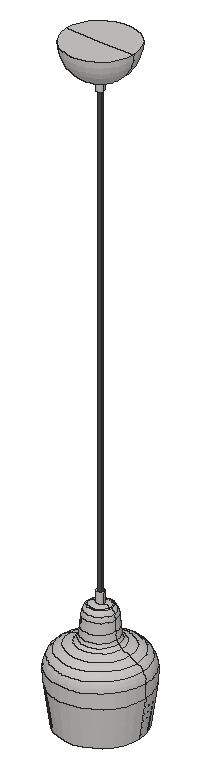
Revit family "Artek_Lighting_Pendant Light A330S “Golden Bell“_A330S “Golden Bell“_quick_ship", category Lighting Fixtures, Revit 2018
Family settings
  Round Connector Dimension = Use Diameter
  Part Type = Normal
  OmniClass Number = 23.80.70.00
  OmniClass Title = Lighting
  Work Plane-Based = No
  Always vertical = Yes
  Cut with Voids When Loaded = No
  Light Source = Yes
  Shared = No
  Room Calculation Point = No
Parameters (values of type "A330S "Golden Bell", 29100303")
  Wattage = 9.2903 W
  WarrantyStartDate [instance] = "n/a"
  WarrantyGuarantorParts = "n/a"
  WarrantyGuarantorLabor = "n/a"
  WarrantyDurationUnit = "Years"
  WarrantyDurationParts = "n/a"
  WarrantyDurationLabor = "n/a"
  WarrantyDescription = "n/a"
  built-in parameter 1150110 = 1 (stored number, unit not read)
  VersionDate = "11/3/2020"  # constant formula
  Version = "1"  # constant formula
  UsageCurrent = 0 A
  Uniclass2015Reference = "Pr_70_70_48_62"
  Uniclass2015Description = "Pendant  luminaires"
  Uniclass2 = "Pr_70_70_49_86"
  URL = "https://www.artek.fi/en/products/pendant-light-a330s-golden-bell"
  TotalWattage = 12 W
  built-in parameter 1114217 = 1 (stored number, unit not read)
  built-in parameter 1150109 = 1 (stored number, unit not read)
  built-in parameter 1150134 = (empty or 0)
  TagNumber [instance] = "n/a"
  SustainabilityPerformance = "n/a"
  built-in parameter 1150113 = 1 (stored number, unit not read)
  Socket = "E27"
  Size = "170x200x170 mm"
  Shape = "Sculptured"
  SerialNumber [instance] = "n/a"
  Revision = "n/a"
  ReplacementCost = "n/a"
  ProductInformation = "Nicknamed “Golden Bell,” Pendant Light A330S has a sculptural quality that can be appreciated whether the light is switched on or off."
  Product data url = ""
  PhaseReference = "n/a"
  PhaseAngle = 0.00°
  NumberOfSources = 0
  NumberOfPoles = 1
  NominalWidth = 164 mm
  NominalVoltageCalc = 0 V
  NominalVoltage = 240 V
  NominalRadius = NominalDiameter / 2  # 82 mm
  NominalLength = 164 mm
  NominalHeight [instance] = CableLengthControl + 213 mm + 77.2 mm  # 1090.2 mm
  NominalFrequencyRange = 60 Hz
  NominalDiameter = NominalLength  # 164 mm
  NominalCurrent = 0 A
  Name = "A330S \"Golden Bell\""
  NBSReference = "90-60-50/405"
  NBSDescription = "General purpose luminaires"
  ModelReference = "n/a"
  ModelNumber = "29100303"
  Model = "A330S \"Golden Bell\", 29100303"
  Material = "Steel, powder coated"
  ManufacturersSpecificInformation = "This luminaire is compatible with bulbs of the energy classes: A to G"
  ManufacturerURL = "https://www.artek.fi/"
  ManufacturerName = "Artek"
  Manufacturer = "Artek"
  MaintenanceFactor = 0
  Lumens = 1380 lm
  built-in parameter 1150115 = 1 (stored number, unit not read)
  built-in parameter 1150105 = 109.82 (stored number, unit not read)
  LightFixtureTertiaryMaterial = White Steel
  LightFixtureSecondaryMaterial = Black plastic
  LightFixturePlacingType = "Ceiling"
  LightFixtureMountingType = "Suspended"
  LightFixtureMainMaterial = Black laquered
  Light Source Symbol Size = 609.6 mm
  built-in parameter 1150137 = (empty or 0)
  built-in parameter 1150139 = (empty or 0)
  built-in parameter 1150112 = 1 (stored number, unit not read)
  built-in parameter 1150114 = 1 (stored number, unit not read)
  InsulationStandardClass = "Class II"
  InstallationDate [instance] = "n/a"
  built-in parameter 1150132 = 2
  built-in parameter 1150102 = (empty or 0)
  built-in parameter 1150138 = (empty or 0)
  built-in parameter 1150107 = 3000 (stored number, unit not read)
  built-in parameter 1150106 = 1.0982 (stored number, unit not read)
  IfcExportType = "NOTDEFINED"  # constant formula
  IfcExportAs = "IfcLightFixtureType"  # constant formula
  IP_Code = "IP20"
  HasProtectiveEarth = no
  Grade = "n/a"
  Finish = "n/a"
  Features = "n/a"
  ExpectedLife = "n/a"
  ElectricalDeviceNominalPower = 0
  built-in parameter 1150104 = 13.8 (stored number, unit not read)
  DurationUnit = "Years"
  Dimming Lamp Color Temperature Shift = <None>
  Designer = "Alvar Aalto"
  Description = "Nicknamed “Golden Bell,” Pendant Light A330S has a sculptural quality that can be appreciated whether the light is switched on or off."
  DefaultElevation = 0 mm
  ConvergoRefNr = "0190-2009-0054-FI"  # constant formula
  Constituents = "n/a"
  Color Filter = 16777215
  Color = "Black"
  Collection = "Pendant Lights"
  CodePerformance = "n/a"
  Category = "Lighting"
  CableLengthControl [instance] = if(CableLength < 250 mm, 250 mm, if(CableLength > 1500 mm, 1500 mm, CableLength))  # 800 mm
  CableLength [instance] = 800 mm
  Brand = "Artek"
  Barcode [instance] = "n/a"
  built-in parameter 1114218 = 1 (stored number, unit not read)
  BIMObjectName = "Artek_Lighting_Pendant Light A330S “Golden Bell“_A330S “Golden Bell“_quick_ship"  # constant formula
  Author = "Convergo AB"  # constant formula
  built-in parameter 1150133 = 10 (stored number, unit not read)
  AssetType = "Fixed"
  AssetIdentifier [instance] = "n/a"
  ArticleNumber = "29100303"
  AccessibilityPerformance = "n/a"
Types (6, lengths in mm): name | ModelNumber | Model | Material | LightFixtureTertiaryMaterial | LightFixtureSecondaryMaterial | LightFixtureMainMaterial | Color | ArticleNumber
  (no name) | "29100303" | "A330S \"Golden Bell\", 29100303" | "Steel, powder coated" | White Steel | Black plastic | Black laquered | "Black" | "29100303"
  A330S "Golden Bell", 29100380 | "29100380" | "A330S \"Golden Bell\", 29100380" | "Brass" | Brass | Black plastic | Brass | "Brass" | "29100380"
  A330S "Golden Bell", 29100301 | "29100301" | "A330S \"Golden Bell\", 29100301" | "Brass" | White Steel | White plastic | Brass | "Brass" | "29100301"
  A330S "Golden Bell", 29100302 | "29100302" | "A330S \"Golden Bell\", 29100302" | "Steel, powder coated" | White Steel | White plastic | Chrome | "Chrome" | "29100302"
  A330S "Golden Bell", 29100303 | "29100303" | "A330S \"Golden Bell\", 29100303" | "Steel, powder coated" | White Steel | Black plastic | Black laquered | "Black" | "29100303"
  A330S "Golden Bell", 29100304 | "29100304" | "A330S \"Golden Bell\", 29100304" | "Steel, powder coated" | White Steel | White plastic | White Steel | "White" | "29100304"
Reference planes
  plane 1 "Light Source Axis (F/B)": y = 0
  plane 2: z = 0
  plane 3 "Light Source Axis (L/R)": x = 0
  plane 4 "Light Source Elevation": z = 70
  plane 5: x = -82
  plane 6: x = 82
  plane 7: y = 82
  plane 8: y = -82
  plane 9: z = 1090.2
Dimensions and locks
  equal spacing: plane 5, plane 3 "Light Source Axis (L/R)", plane 6
  "NominalLength": plane 5 to plane 6
  equal spacing: plane 7, plane 1 "Light Source Axis (F/B)", plane 8
  "NominalWidth": plane 7 to plane 8
  "NominalHeight": plane 9 to plane 2
  locked: plane 4 "Light Source Elevation" to plane 2 at 70
  aligned and locked: plane 3 "Light Source Axis (L/R)" to imposter light
  aligned and locked: plane 1 "Light Source Axis (F/B)" to imposter light
  aligned and locked: plane 4 "Light Source Elevation" to imposter light
  aligned and locked: level to plane 2
  aligned and locked: nested 1 to plane 2
Nested families
  nested 1: "A330s" at (0, 0, 0), Body <- "LightFixtureMainMaterial", Cable <- "LightFixtureSecondaryMaterial", Inside <- "LightFixtureTertiaryMaterial", CableLength <- "CableLengthControl", type "A330s"
    with Inside White Steel, CableLength 800 mm, Cable Black plastic, Body Black laquered
Connectors
  electrical at (0, 0, 1090.2)
    settings: on nested 1, index 1, voltage 240 V, apparent load 0 VA, apparent load phase1 0 VA, apparent load phase2 0 VA, apparent load phase3 0 VA, power factor 1, load classification "Other", number of poles 1, system type 31, power factor state 1, is connector primary yes, connector utility no, sub classification motor no, connector description ""
Definition of nested family "A330s"
  Parameters (values of type "A330s")
    Inside [instance] = none
    CableLength [instance] = 500 mm
    Cable [instance] = none
    Body [instance] = none
  Reference planes
    plane 1 "Center (Front/Back)": y = 0
    plane 2: z = 0
    plane 3 "Center (Left/Right)": x = 0
    plane 4: z = 213
    plane 5: z = 713
    plane 6: z = 213
  Forms (mm)
    Revolve 1, solid, material <- "Body", detail levels medium+fine
      sketch origin (0, 0, 0) x (1, 0, 0) y (0, 0, 1)
        loop
          line (0, 790.2) -> (-60, 790.2)
          arc (-60, 790.2) -> (-44.472, 750.136) -> (-6, 731) r 59.45
          line (-6, 731) -> (-6, 713) -> (0, 713) -> (0, 731) -> (0, 790.2)
        loop
          arc (-81.1, 92.8) -> (-81.289, 80.331) -> (-80.3, 67.9) r 131.96
          arc (-80.3, 67.9) -> (-75.53, 33.884) -> (-69.9, 0) r 1356.007
          line (-69.9, 0) -> (-68.884, 0)
          arc (-68.884, 0) -> (-74.528, 33.947) -> (-79.308, 68.026) r 1355.007
          arc (-79.308, 68.026) -> (-80.289, 80.363) -> (-80.102, 92.738) r 130.96
          arc (-80.102, 92.738) -> (-78.629, 101.044) -> (-75.33, 108.808) r 37.364
          arc (-75.33, 108.808) -> (-71.247, 114.461) -> (-66.024, 119.083) r 31.62
          arc (-66.024, 119.083) -> (-59.699, 122.979) -> (-52.941, 126.067) r 60.188
          arc (-52.941, 126.067) -> (-45.438, 129.044) -> (-38.001, 132.183) r 371.227
          arc (-38.001, 132.183) -> (-34.32, 134.525) -> (-31.538, 137.886) r 14.011
          arc (-31.538, 137.886) -> (-29.964, 141.193) -> (-29.015, 144.729) r 20.164
          arc (-29.015, 144.729) -> (-28.066, 151.217) -> (-27.458, 157.746) r 125.184
          arc (-27.458, 157.746) -> (-26.796, 166.48) -> (-25.975, 175.2) r 481.776
          arc (-25.975, 175.2) -> (-25.276, 179.387) -> (-24.061, 183.455) r 34.044
          arc (-24.061, 183.455) -> (-22.065, 187.137) -> (-19.102, 190.098) r 14.559
          arc (-19.102, 190.098) -> (-18.23, 190.647) -> (-17.281, 191.052) r 6.519
          arc (-17.281, 191.052) -> (-11.671, 192.566) -> (-5.919, 193.388) r 47.891
          arc (-5.919, 193.388) -> (-2.956, 193.66) -> (0, 193.992) r 146.476
          line (0, 193.992) -> (0, 213) -> (-6, 213) -> (-6, 194.385)
          arc (-6, 194.385) -> (-11.872, 193.545) -> (-17.6, 192) r 48.891
          arc (-17.6, 192) -> (-18.694, 191.533) -> (-19.7, 190.9) r 7.519
          arc (-19.7, 190.9) -> (-22.866, 187.735) -> (-25, 183.8) r 15.559
          arc (-25, 183.8) -> (-26.25, 179.613) -> (-26.969, 175.303) r 35.044
          arc (-26.969, 175.303) -> (-27.792, 166.565) -> (-28.456, 157.813) r 482.776
          arc (-28.456, 157.813) -> (-29.059, 151.336) -> (-30, 144.9) r 124.184
          arc (-30, 144.9) -> (-30.903, 141.539) -> (-32.398, 138.396) r 19.164
          arc (-32.398, 138.396) -> (-34.982, 135.275) -> (-38.4, 133.1) r 13.011
          arc (-38.4, 133.1) -> (-45.817, 129.969) -> (-53.3, 127) r 370.227
          arc (-53.3, 127) -> (-60.17, 123.861) -> (-66.6, 119.9) r 61.188
          arc (-66.6, 119.9) -> (-71.988, 115.133) -> (-76.2, 109.3) r 32.62
          arc (-76.2, 109.3) -> (-79.587, 101.328) -> (-81.1, 92.8) r 38.364
        axis (0, 790.2) -> (0, 0)
      angle from 0 to 360
    Extrusion 2, solid, material <- "Cable", detail levels medium+fine
      sketch origin (0, 0, 0) x (1, 0, 0) y (0, 1, 0)
        loop
          circle (0, 0) r 3
      from 213 to 713
    Extrusion 3, solid, material <- "Body", detail levels coarse
      sketch origin (0, 0, 0) x (1, 0, 0) y (0, 1, 0)
        loop
          line (-82, 0) -> (-82, -82) -> (0, -82) -> (82, -82) -> (82, 0) -> (82, 82) -> (0, 82) -> (-82, 82) -> (-82, 0)
      from 0 to 790.2
    Revolve 4, solid, material <- "Inside", detail levels medium+fine
      sketch origin (0, 0, 0) x (1, 0, 0) y (0, 0, 1)
        loop
          line (0, 192.985) -> (0, 193.992)
          arc (0, 193.992) -> (-2.956, 193.66) -> (-5.919, 193.388) r 146.476
          arc (-5.919, 193.388) -> (-11.671, 192.566) -> (-17.281, 191.052) r 47.891
          arc (-17.281, 191.052) -> (-18.23, 190.647) -> (-19.102, 190.098) r 6.519
          arc (-19.102, 190.098) -> (-22.065, 187.137) -> (-24.061, 183.455) r 14.559
          arc (-24.061, 183.455) -> (-25.276, 179.387) -> (-25.975, 175.2) r 34.044
          arc (-25.975, 175.2) -> (-26.796, 166.48) -> (-27.458, 157.746) r 481.776
          arc (-27.458, 157.746) -> (-28.066, 151.217) -> (-29.015, 144.729) r 125.184
          arc (-29.015, 144.729) -> (-29.964, 141.193) -> (-31.538, 137.886) r 20.164
          arc (-31.538, 137.886) -> (-34.32, 134.525) -> (-38.001, 132.183) r 14.011
          arc (-38.001, 132.183) -> (-45.438, 129.044) -> (-52.941, 126.067) r 371.227
          arc (-52.941, 126.067) -> (-59.699, 122.979) -> (-66.024, 119.083) r 60.188
          arc (-66.024, 119.083) -> (-71.247, 114.461) -> (-75.33, 108.808) r 31.62
          arc (-75.33, 108.808) -> (-78.629, 101.044) -> (-80.102, 92.738) r 37.364
          arc (-80.102, 92.738) -> (-80.289, 80.363) -> (-79.308, 68.026) r 130.96
          arc (-79.308, 68.026) -> (-74.528, 33.947) -> (-68.884, 0) r 1355.007
          line (-68.884, 0) -> (-67.868, 0)
          arc (-67.868, 0) -> (-73.526, 34.01) -> (-78.316, 68.153) r 1354.007
          arc (-78.316, 68.153) -> (-79.29, 80.395) -> (-79.104, 92.675) r 129.96
          arc (-79.104, 92.675) -> (-77.67, 100.759) -> (-74.459, 108.315) r 36.364
          arc (-74.459, 108.315) -> (-70.506, 113.79) -> (-65.448, 118.265) r 30.62
          arc (-65.448, 118.265) -> (-59.228, 122.097) -> (-52.583, 125.133) r 59.188
          arc (-52.583, 125.133) -> (-45.059, 128.118) -> (-37.602, 131.266) r 372.227
          arc (-37.602, 131.266) -> (-33.658, 133.775) -> (-30.678, 137.376) r 15.011
          arc (-30.678, 137.376) -> (-29.026, 140.847) -> (-28.029, 144.559) r 21.164
          arc (-28.029, 144.559) -> (-27.073, 151.099) -> (-26.461, 157.68) r 126.184
          arc (-26.461, 157.68) -> (-25.799, 166.395) -> (-24.98, 175.098) r 480.776
          arc (-24.98, 175.098) -> (-24.302, 179.162) -> (-23.123, 183.109) r 33.044
          arc (-23.123, 183.109) -> (-21.263, 186.539) -> (-18.504, 189.297) r 13.559
          arc (-18.504, 189.297) -> (-17.766, 189.762) -> (-16.963, 190.104) r 5.519
          arc (-16.963, 190.104) -> (-11.47, 191.586) -> (-5.837, 192.392) r 46.891
          arc (-5.837, 192.392) -> (-2.916, 192.659) -> (0, 192.985) r 147.476
        axis (0, 193.992) -> (0, 0)
      angle from 0 to 360
  Lines and regions (mm)
    symbolic lines, detail levels medium+fine
      curve 1: line (0, 0, 790.2) -> (-60, 0, 790.2)
      curve 2: arc (-6, 0, 731) -> (-44.472, 0, 750.136) -> (-60, 0, 790.2) r 59.45
      curve 3: line (-6, 0, 731) -> (-6, 0, 713)
      curve 4: line (-6, 0, 713) -> (-3, 0, 713)
      curve 5: line (-3, 0, 713) -> (-3, 0, 213)
      curve 6: line (-3, 0, 213) -> (-6, 0, 213)
      curve 7: line (-6, 0, 213) -> (-6, 0, 194.385)
      curve 8: arc (-18.531, 0, 191.707) -> (-12.407, 0, 193.708) -> (-6, 0, 194.385) r 30.657
      curve 9: arc (-22.296, 0, 188.787) -> (-20.589, 0, 190.473) -> (-18.531, 0, 191.707) r 10.082
      curve 10: arc (-26.51, 0, 179.067) -> (-25.047, 0, 184.206) -> (-22.296, 0, 188.787) r 20.33
      curve 11: arc (-28.069, 0, 164.511) -> (-27.43, 0, 171.804) -> (-26.51, 0, 179.067) r 188.86
      curve 12: arc (-30.014, 0, 146.467) -> (-28.863, 0, 155.47) -> (-28.069, 0, 164.511) r 229.737
      curve 13: arc (-33.694, 0, 136.92) -> (-31.324, 0, 141.489) -> (-30.014, 0, 146.467) r 23.349
      curve 14: arc (-37.715, 0, 133.443) -> (-35.469, 0, 134.909) -> (-33.694, 0, 136.92) r 9.995
      curve 15: arc (-56.872, 0, 125.412) -> (-47.2, 0, 129.203) -> (-37.715, 0, 133.443) r 222.128
      curve 16: arc (-81.245, 0, 88.189) -> (-75.235, 0, 110.845) -> (-56.872, 0, 125.412) r 37.207
      curve 17: arc (-76.582, 0, 40.744) -> (-79.351, 0, 64.424) -> (-81.245, 0, 88.189) r 647.164
      curve 18: arc (-69.9, 0, 0) -> (-73.523, 0, 20.326) -> (-76.582, 0, 40.744) r 744.578
      curve 19: line (-69.9, 0, 0) -> (0, 0, 0)
      curve 22: line (0, 0, 790.2) -> (60, 0, 790.2)
      curve 23: arc (6, 0, 731) -> (44.472, 0, 750.136) -> (60, 0, 790.2) r 59.45
      curve 24: line (6, 0, 731) -> (6, 0, 713)
      curve 25: line (6, 0, 713) -> (3, 0, 713)
      curve 26: line (3, 0, 713) -> (3, 0, 213)
      curve 27: line (3, 0, 213) -> (6, 0, 213)
      curve 28: line (6, 0, 213) -> (6, 0, 194.385)
      curve 29: arc (18.531, 0, 191.707) -> (12.407, 0, 193.708) -> (6, 0, 194.385) r 30.657
      curve 30: arc (22.296, 0, 188.787) -> (20.589, 0, 190.473) -> (18.531, 0, 191.707) r 10.082
      curve 31: arc (26.51, 0, 179.067) -> (25.047, 0, 184.206) -> (22.296, 0, 188.787) r 20.33
      curve 32: arc (28.069, 0, 164.511) -> (27.43, 0, 171.804) -> (26.51, 0, 179.067) r 188.86
      curve 33: arc (30.014, 0, 146.467) -> (28.863, 0, 155.47) -> (28.069, 0, 164.511) r 229.737
      curve 34: arc (33.694, 0, 136.92) -> (31.324, 0, 141.489) -> (30.014, 0, 146.467) r 23.349
      curve 35: arc (37.715, 0, 133.443) -> (35.469, 0, 134.909) -> (33.694, 0, 136.92) r 9.995
      curve 36: arc (56.872, 0, 125.412) -> (47.2, 0, 129.203) -> (37.715, 0, 133.443) r 222.128
      curve 37: arc (81.245, 0, 88.189) -> (75.235, 0, 110.845) -> (56.872, 0, 125.412) r 37.207
      curve 38: arc (76.582, 0, 40.744) -> (79.351, 0, 64.424) -> (81.245, 0, 88.189) r 647.164
      curve 39: arc (69.9, 0, 0) -> (73.523, 0, 20.326) -> (76.582, 0, 40.744) r 744.578
      curve 40: line (69.9, 0, 0) -> (0, 0, 0)
      curve 45: line (0, 0, 790.2) -> (0, 60, 790.2)
      curve 46: arc (0, 6, 731) -> (0, 44.472, 750.136) -> (0, 60, 790.2) r 59.45
      curve 47: line (0, 6, 731) -> (0, 6, 713)
      curve 48: line (0, 6, 713) -> (0, 3, 713)
      curve 49: line (0, 3, 713) -> (0, 3, 213)
      curve 50: line (0, 3, 213) -> (0, 6, 213)
      curve 51: line (0, 6, 213) -> (0, 6, 194.385)
      curve 52: arc (0, 18.697, 191.553) -> (0, 12.505, 193.669) -> (0, 6, 194.385) r 29.88
      curve 53: arc (0, 23.418, 187.311) -> (0, 21.371, 189.781) -> (0, 18.697, 191.553) r 10.982
      curve 54: arc (0, 27.143, 175.512) -> (0, 25.991, 181.636) -> (0, 23.418, 187.311) r 26.049
      curve 55: arc (0, 28.291, 160.548) -> (0, 27.678, 168.027) -> (0, 27.143, 175.512) r 712.83
      curve 56: arc (0, 29.065, 151.35) -> (0, 28.685, 155.95) -> (0, 28.291, 160.548) r 1445.899
      curve 57: arc (0, 31.64, 140.192) -> (0, 29.944, 145.677) -> (0, 29.065, 151.35) r 39.323
      curve 58: arc (0, 39.083, 132.927) -> (0, 34.579, 135.757) -> (0, 31.64, 140.192) r 12.624
      curve 59: arc (0, 60.287, 123.854) -> (0, 49.811, 128.686) -> (0, 39.083, 132.927) r 207.234
      curve 60: arc (0, 81.475, 88.783) -> (0, 75.993, 109.407) -> (0, 60.287, 123.854) r 38.126
      curve 61: arc (0, 77.777, 47.611) -> (0, 80.303, 68.136) -> (0, 81.475, 88.783) r 314.615
      curve 62: arc (0, 69.9, 0) -> (0, 73.942, 23.788) -> (0, 77.777, 47.611) r 2791.048
      curve 67: line (0, 69.9, 0) -> (0, 0, 0)
      curve 68: line (0, 0, 790.2) -> (0, -60, 790.2)
      curve 69: arc (0, -6, 731) -> (0, -44.472, 750.136) -> (0, -60, 790.2) r 59.45
      curve 70: line (0, -6, 731) -> (0, -6, 713)
      curve 71: line (0, -6, 713) -> (0, -3, 713)
      curve 72: line (0, -3, 713) -> (0, -3, 213)
      curve 73: line (0, -3, 213) -> (0, -6, 213)
      curve 74: line (0, -6, 213) -> (0, -6, 194.385)
      curve 75: arc (0, -18.697, 191.553) -> (0, -12.505, 193.669) -> (0, -6, 194.385) r 29.88
      curve 76: arc (0, -23.418, 187.311) -> (0, -21.371, 189.781) -> (0, -18.697, 191.553) r 10.982
      curve 77: arc (0, -27.143, 175.512) -> (0, -25.991, 181.636) -> (0, -23.418, 187.311) r 26.049
      curve 78: arc (0, -28.291, 160.548) -> (0, -27.678, 168.027) -> (0, -27.143, 175.512) r 712.83
      curve 79: arc (0, -29.065, 151.35) -> (0, -28.685, 155.95) -> (0, -28.291, 160.548) r 1445.899
      curve 80: arc (0, -31.64, 140.192) -> (0, -29.944, 145.677) -> (0, -29.065, 151.35) r 39.323
      curve 81: arc (0, -39.083, 132.927) -> (0, -34.579, 135.757) -> (0, -31.64, 140.192) r 12.624
      curve 82: arc (0, -60.287, 123.854) -> (0, -49.811, 128.686) -> (0, -39.083, 132.927) r 207.234
      curve 83: arc (0, -81.475, 88.783) -> (0, -75.993, 109.407) -> (0, -60.287, 123.854) r 38.126
      curve 84: arc (0, -77.777, 47.611) -> (0, -80.303, 68.136) -> (0, -81.475, 88.783) r 314.615
      curve 85: arc (0, -69.9, 0) -> (0, -73.942, 23.788) -> (0, -77.777, 47.611) r 2791.048
      curve 90: line (0, -69.9, 0) -> (0, 0, 0)
      curve 91: circle (0, 0, 0) r 82 normal (0, 0, 1)
    symbolic lines, detail levels fine
      curve 20: line (-6, 0, 731) -> (0, 0, 731)
      curve 21: line (-6, 0, 194.385) -> (0, 0, 194.385)
      curve 41: line (6, 0, 731) -> (0, 0, 731)
      curve 42: line (3, 0, 713) -> (0, 0, 713)
      curve 43: line (3, 0, 213) -> (0, 0, 213)
      curve 44: line (6, 0, 194.385) -> (0, 0, 194.385)
      curve 63: line (0, 6, 194.385) -> (0, 0, 194.385)
      curve 64: line (0, 3, 213) -> (0, 0, 213)
      curve 65: line (0, 6, 731) -> (0, 0, 731)
      curve 66: line (0, 3, 713) -> (0, 0, 713)
      curve 86: line (0, -6, 194.385) -> (0, 0, 194.385)
      curve 87: line (0, -3, 213) -> (0, 0, 213)
      curve 88: line (0, -6, 731) -> (0, 0, 731)
      curve 89: line (0, -3, 713) -> (0, 0, 713)
      curve 92: circle (0, 0, 0) r 60 normal (0, 0, 1)
      curve 93: line (-3, 0, 213) -> (0, 0, 213)
      curve 94: line (-3, 0, 713) -> (0, 0, 713)
  Dimensions and locks
    locked: plane 6 to level at 213
    "CableLength": plane 5 to plane 4
    aligned and locked: level to plane 2
    aligned and locked: plane 4 to Extrusion 2
    aligned and locked: Extrusion 2 to plane 5
    aligned and locked: plane 6 to Revolve 1
    aligned and locked: Revolve 1 to Extrusion 2
    aligned and locked: Extrusion 2 to Revolve 1
    aligned and locked: Extrusion 3 to Revolve 1
  Automatic sketch dimensions
    curve 91 to curve 92 = 0 mm  (x2)
    plane 1 "Center (Front/Back)" to curve 92 = 0 mm
    curve 92 to plane 3 "Center (Left/Right)" = 0 mm
    plane 1 "Center (Front/Back)" to Extrusion 2 sketch curve = 0 mm
    Extrusion 2 sketch curve to plane 3 "Center (Left/Right)" = 0 mm
    plane 1 "Center (Front/Back)" to Extrusion 3 sketch curve = 0 mm  (x2)
    Extrusion 3 sketch curve to plane 3 "Center (Left/Right)" = 0 mm  (x2)
    Extrusion 3 sketch curve to plane 3 "Center (Left/Right)" = 82 mm
    plane 3 "Center (Left/Right)" to Extrusion 3 sketch curve = 82 mm
    plane 1 "Center (Front/Back)" to Extrusion 3 sketch curve = 82 mm
    Extrusion 3 sketch curve to plane 1 "Center (Front/Back)" = 82 mm
    curve 85 to level = 0 mm
    plane 4 to curve 74 = 0 mm
    plane 5 to curve 70 = 0 mm
    curve 88 to plane 1 "Center (Front/Back)" = 0 mm
    curve 87 to plane 1 "Center (Front/Back)" = 0 mm
    curve 63 to plane 1 "Center (Front/Back)" = 0 mm
    curve 67 to plane 1 "Center (Front/Back)" = 0 mm
    curve 68 to plane 1 "Center (Front/Back)" = 0 mm
    curve 89 to plane 1 "Center (Front/Back)" = 0 mm
    plane 1 "Center (Front/Back)" to curve 69 = 0.55 mm
    plane 1 "Center (Front/Back)" to curve 77 = 1.151 mm
    plane 1 "Center (Front/Back)" to curve 71 = 3 mm
    curve 73 to curve 72 = 3 mm
    curve 71 to curve 71 = 3 mm
    plane 1 "Center (Front/Back)" to curve 76 = 14.03 mm
    plane 1 "Center (Front/Back)" to curve 59 = 31.718 mm
    plane 1 "Center (Front/Back)" to curve 83 = 43.36 mm
    curve 81 to curve 75 = 37.396 mm
    curve 68 to curve 69 = 59.45 mm
    curve 80 to curve 81 = 24.863 mm
    plane 1 "Center (Front/Back)" to curve 90 = 69.9 mm
    level to curve 61 = 96.28 mm
    curve 61 to curve 80 = 164.791 mm
    curve 78 to plane 4 = 9.544 mm
    curve 78 to curve 61 = 505.369 mm
    level to curve 56 = 34.797 mm
    curve 56 to curve 78 = 673.71 mm
    plane 5 to curve 62 = 233.627 mm
    curve 62 to curve 56 = 1267.543 mm
    curve 45 to curve 46 = 0.55 mm
    curve 54 to plane 1 "Center (Front/Back)" = 1.151 mm
    curve 64 to curve 64 = 3 mm
    curve 48 to curve 48 = 3 mm
    curve 63 to curve 63 = 6 mm
    curve 53 to plane 1 "Center (Front/Back)" = 14.03 mm
    curve 82 to plane 1 "Center (Front/Back)" = 31.718 mm
    curve 60 to plane 1 "Center (Front/Back)" = 43.36 mm
    curve 52 to curve 58 = 37.396 mm
    curve 58 to curve 57 = 24.863 mm
    curve 67 to plane 1 "Center (Front/Back)" = 69.9 mm
    level to curve 84 = 96.28 mm
    curve 62 to curve 84 = 155.273 mm
    curve 55 to plane 4 = 9.544 mm
    curve 84 to curve 55 = 505.369 mm
    level to curve 79 = 34.797 mm
    curve 55 to curve 79 = 673.71 mm
    plane 5 to curve 85 = 233.627 mm
    curve 79 to curve 85 = 1267.543 mm
    curve 59 to level = 61.837 mm
    curve 82 to level = 61.837 mm
    curve 85 to curve 83 = 42.08 mm
    curve 62 to curve 60 = 42.08 mm
    curve 60 to curve 58 = 55.101 mm
    curve 83 to curve 81 = 55.101 mm
    curve 58 to curve 57 = 9.728 mm
    curve 81 to curve 80 = 9.728 mm
    curve 81 to curve 75 = 19.713 mm
    curve 75 to curve 52 = 0 mm
    curve 75 to curve 77 = 9.288 mm
    curve 77 to curve 54 = 0 mm
    curve 54 to curve 53 = 7.819 mm
    curve 77 to curve 76 = 7.819 mm
    curve 53 to curve 63 = 12.773 mm
    curve 70 to plane 5 = 18 mm
    curve 76 to curve 75 = 0 mm
    curve 77 to curve 76 = 0 mm
    curve 78 to curve 77 = 0 mm
    curve 79 to curve 78 = 0 mm
    curve 80 to curve 79 = 0 mm
    curve 81 to curve 80 = 0 mm
    curve 82 to curve 81 = 0 mm
    curve 83 to curve 82 = 0 mm
    curve 84 to curve 85 = 0 mm
    curve 53 to curve 52 = 0 mm
    curve 54 to curve 53 = 0 mm
    curve 55 to curve 54 = 0 mm
    curve 56 to curve 55 = 0 mm
    curve 57 to curve 56 = 0 mm
    curve 58 to curve 57 = 0 mm
    curve 59 to curve 58 = 0 mm
    curve 60 to curve 59 = 0 mm
    curve 61 to curve 62 = 0 mm
    curve 19 to level = 0 mm
    curve 7 to plane 4 = 0 mm
    curve 3 to plane 5 = 0 mm
    curve 19 to plane 3 "Center (Left/Right)" = 0 mm
    curve 21 to plane 3 "Center (Left/Right)" = 0 mm
    curve 22 to plane 3 "Center (Left/Right)" = 0 mm
    curve 43 to plane 3 "Center (Left/Right)" = 0 mm
    curve 42 to plane 3 "Center (Left/Right)" = 0 mm
    curve 41 to plane 3 "Center (Left/Right)" = 0 mm
    curve 2 to curve 1 = 0.55 mm
    curve 93 to curve 43 = 3 mm
    curve 4 to curve 4 = 3 mm
    curve 21 to curve 21 = 6 mm
    curve 10 to plane 3 "Center (Left/Right)" = 6.394 mm
    curve 9 to curve 10 = 8.016 mm
    curve 14 to curve 8 = 36.006 mm
    curve 16 to plane 3 "Center (Left/Right)" = 44.107 mm
    curve 13 to curve 14 = 11.105 mm
    curve 1 to curve 2 = 59.45 mm
    curve 19 to curve 19 = 69.9 mm
    curve 15 to plane 3 "Center (Left/Right)" = 133.078 mm
    curve 32 to curve 13 = 107.245 mm
    plane 4 to curve 12 = 32.901 mm
    curve 12 to curve 32 = 96.92 mm
    plane 4 to curve 38 = 85.27 mm
    curve 38 to curve 12 = 307.433 mm
    curve 39 to curve 38 = 96.53 mm
    plane 3 "Center (Left/Right)" to curve 23 = 0.55 mm
    plane 3 "Center (Left/Right)" to curve 26 = 3 mm
    curve 25 to curve 24 = 3 mm
    plane 3 "Center (Left/Right)" to curve 29 = 6 mm
    plane 3 "Center (Left/Right)" to curve 31 = 6.394 mm
    curve 31 to curve 30 = 8.016 mm
    curve 29 to curve 35 = 36.006 mm
    plane 3 "Center (Left/Right)" to curve 37 = 44.107 mm
    curve 35 to curve 34 = 11.105 mm
    plane 3 "Center (Left/Right)" to curve 40 = 69.9 mm
    plane 3 "Center (Left/Right)" to curve 36 = 133.078 mm
    curve 34 to curve 11 = 107.245 mm
    plane 4 to curve 33 = 32.901 mm
    curve 11 to curve 33 = 96.92 mm
    plane 4 to curve 17 = 85.27 mm
    curve 33 to curve 17 = 307.433 mm
    curve 17 to curve 18 = 96.53 mm
    level to curve 37 = 90.463 mm
    curve 16 to curve 37 = 0 mm
    curve 38 to curve 39 = 13.093 mm
    curve 17 to curve 18 = 13.093 mm
    curve 16 to curve 14 = 52.008 mm
    curve 37 to curve 35 = 52.008 mm
    curve 14 to curve 13 = 7.415 mm
    curve 35 to curve 34 = 7.415 mm
    plane 4 to curve 11 = 61.303 mm
    plane 4 to curve 32 = 61.303 mm
    curve 35 to curve 29 = 21.258 mm
    curve 8 to curve 29 = 0 mm
    curve 29 to curve 31 = 12.392 mm
    curve 8 to curve 10 = 12.392 mm
    curve 31 to curve 30 = 6.385 mm
    curve 10 to curve 9 = 6.385 mm
    curve 9 to curve 7 = 11.88 mm
    curve 36 to plane 4 = 121.059 mm
    curve 15 to plane 4 = 121.059 mm
    curve 24 to plane 5 = 18 mm
    curve 9 to curve 8 = 0 mm
    curve 10 to curve 9 = 0 mm
    curve 11 to curve 10 = 0 mm
    curve 12 to curve 11 = 0 mm
    curve 13 to curve 12 = 0 mm
    curve 14 to curve 13 = 0 mm
    curve 15 to curve 14 = 0 mm
    curve 16 to curve 15 = 0 mm
    curve 17 to curve 18 = 0 mm
    curve 30 to curve 29 = 0 mm
    curve 31 to curve 30 = 0 mm
    curve 32 to curve 31 = 0 mm
    curve 33 to curve 32 = 0 mm
    curve 34 to curve 33 = 0 mm
    curve 35 to curve 34 = 0 mm
    curve 36 to curve 35 = 0 mm
    curve 37 to curve 36 = 0 mm
    curve 38 to curve 39 = 0 mm
    Revolve 1 sketch curve to Revolve 1 sketch curve = 0 mm  (x54)
    Revolve 1 sketch curve to level = 0 mm
    Revolve 1 sketch curve to plane 4 = 0 mm
    Revolve 1 sketch curve to plane 5 = 0 mm
    Revolve 1 sketch curve to plane 3 "Center (Left/Right)" = 0 mm  (x3)
    Revolve 1 sketch curve to Revolve 1 sketch curve = 0.55 mm
    Revolve 1 sketch curve to plane 3 "Center (Left/Right)" = 2.026 mm
    Revolve 1 sketch curve to Revolve 1 sketch curve = 6 mm  (x2)
    Revolve 1 sketch curve to plane 3 "Center (Left/Right)" = 10.398 mm
    Revolve 1 sketch curve to Revolve 1 sketch curve = 4.807 mm
    Revolve 1 sketch curve to plane 3 "Center (Left/Right)" = 17.826 mm
    Revolve 1 sketch curve to plane 3 "Center (Left/Right)" = 31.354 mm
    Revolve 1 sketch curve to Revolve 1 sketch curve = 11.457 mm
    Revolve 1 sketch curve to Revolve 1 sketch curve = 41.565 mm
    Revolve 1 sketch curve to Revolve 1 sketch curve = 4.999 mm
    Revolve 1 sketch curve to Revolve 1 sketch curve = 5.293 mm
    Revolve 1 sketch curve to Revolve 1 sketch curve = 59.45 mm
    Revolve 1 sketch curve to plane 3 "Center (Left/Right)" = 68.884 mm
    Revolve 1 sketch curve to Revolve 1 sketch curve = 1.016 mm
    plane 4 to Revolve 1 sketch curve = 46.92 mm
    Revolve 1 sketch curve to Revolve 1 sketch curve = 103.482 mm
    Revolve 1 sketch curve to plane 3 "Center (Left/Right)" = 186.086 mm
    plane 3 "Center (Left/Right)" to Revolve 1 sketch curve = 7.889 mm
    plane 3 "Center (Left/Right)" to Revolve 1 sketch curve = 50.603 mm
    plane 4 to Revolve 1 sketch curve = 87.325 mm
    Revolve 1 sketch curve to Revolve 1 sketch curve = 402.647 mm
    Revolve 1 sketch curve to plane 4 = 26.185 mm
    Revolve 1 sketch curve to Revolve 1 sketch curve = 811.596 mm
    level to Revolve 1 sketch curve = 69.883 mm
    Revolve 1 sketch curve to Revolve 1 sketch curve = 14.685 mm
    Revolve 1 sketch curve to Revolve 1 sketch curve = 20.524 mm
    Revolve 1 sketch curve to Revolve 1 sketch curve = 2.829 mm
    Revolve 1 sketch curve to Revolve 1 sketch curve = 51.795 mm
    Revolve 1 sketch curve to Revolve 1 sketch curve = 0.625 mm
    Revolve 1 sketch curve to Revolve 1 sketch curve = 3.138 mm
    Revolve 1 sketch curve to Revolve 1 sketch curve = 26.045 mm
    Revolve 1 sketch curve to Revolve 1 sketch curve = 6.727 mm
    Revolve 1 sketch curve to Revolve 1 sketch curve = 6.445 mm
    Revolve 1 sketch curve to Revolve 1 sketch curve = 9.119 mm
    Revolve 1 sketch curve to Revolve 1 sketch curve = 0.393 mm
    Revolve 1 sketch curve to plane 4 = 126.38 mm
    Revolve 1 sketch curve to Revolve 1 sketch curve = 133.215 mm
    Revolve 1 sketch curve to plane 5 = 18 mm
    Revolve 1 sketch curve to Revolve 1 sketch curve = 20 mm
    Revolve 1 sketch curve to Revolve 1 sketch curve = 10 mm
    Revolve 4 sketch curve to Revolve 4 sketch curve = 0 mm  (x56)
    Revolve 4 sketch curve to level = 0 mm
    Revolve 4 sketch curve to plane 3 "Center (Left/Right)" = 0 mm  (x2)
    Revolve 4 sketch curve to plane 3 "Center (Left/Right)" = 2.026 mm
    Revolve 4 sketch curve to plane 3 "Center (Left/Right)" = 10.398 mm
    Revolve 4 sketch curve to Revolve 4 sketch curve = 4.807 mm
    Revolve 4 sketch curve to plane 3 "Center (Left/Right)" = 17.826 mm
    Revolve 4 sketch curve to plane 3 "Center (Left/Right)" = 31.354 mm
    Revolve 4 sketch curve to Revolve 4 sketch curve = 11.457 mm
    Revolve 4 sketch curve to Revolve 4 sketch curve = 41.565 mm
    Revolve 4 sketch curve to Revolve 4 sketch curve = 4.999 mm
    Revolve 4 sketch curve to Revolve 4 sketch curve = 5.293 mm
    Revolve 4 sketch curve to plane 3 "Center (Left/Right)" = 67.868 mm
    Revolve 4 sketch curve to Revolve 4 sketch curve = 1.016 mm
    plane 4 to Revolve 4 sketch curve = 46.92 mm
    Revolve 4 sketch curve to Revolve 4 sketch curve = 103.482 mm
    Revolve 4 sketch curve to plane 3 "Center (Left/Right)" = 186.086 mm
    plane 3 "Center (Left/Right)" to Revolve 4 sketch curve = 7.889 mm
    plane 3 "Center (Left/Right)" to Revolve 4 sketch curve = 50.603 mm
    plane 4 to Revolve 4 sketch curve = 87.325 mm
    Revolve 4 sketch curve to Revolve 4 sketch curve = 402.647 mm
    Revolve 4 sketch curve to plane 4 = 26.185 mm
    Revolve 4 sketch curve to Revolve 4 sketch curve = 811.596 mm
    level to Revolve 4 sketch curve = 69.883 mm
    Revolve 4 sketch curve to Revolve 4 sketch curve = 14.685 mm
    Revolve 4 sketch curve to Revolve 4 sketch curve = 20.524 mm
    Revolve 4 sketch curve to Revolve 4 sketch curve = 2.829 mm
    Revolve 4 sketch curve to Revolve 4 sketch curve = 51.795 mm
    Revolve 4 sketch curve to Revolve 4 sketch curve = 0.625 mm
    Revolve 4 sketch curve to Revolve 4 sketch curve = 3.138 mm
    Revolve 4 sketch curve to Revolve 4 sketch curve = 26.045 mm
    Revolve 4 sketch curve to Revolve 4 sketch curve = 6.727 mm
    Revolve 4 sketch curve to Revolve 4 sketch curve = 6.445 mm
    Revolve 4 sketch curve to Revolve 4 sketch curve = 8.112 mm
    Revolve 4 sketch curve to Revolve 4 sketch curve = 1.007 mm
    Revolve 4 sketch curve to plane 4 = 126.38 mm
    Revolve 4 sketch curve to Revolve 4 sketch curve = 133.215 mm
    Revolve 4 sketch curve to Revolve 4 sketch curve = 4.883 mm
    Revolve 4 sketch curve to Revolve 4 sketch curve = 10 mm
    radius of curve 91 = 82 mm
    radius of curve 92 = 60 mm
    radius of Extrusion 2 sketch curve = 3 mm
